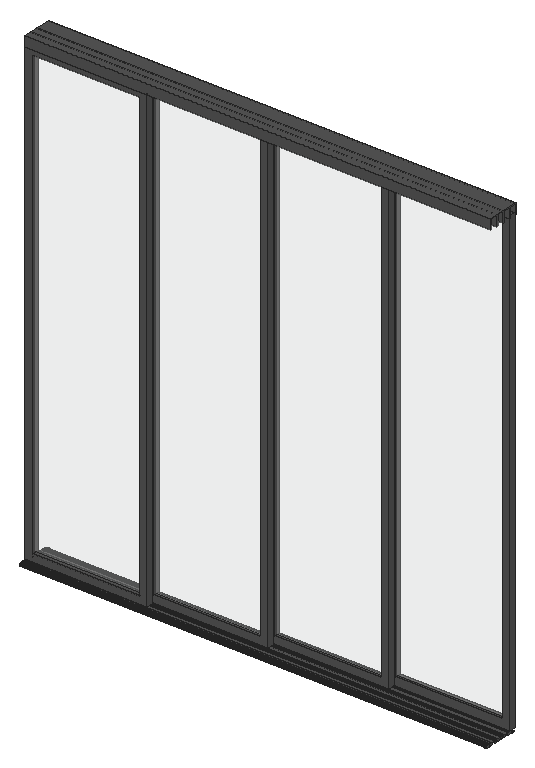
Revit family "Door_FTS RD_The Sliding Door Company_1.5F 4-Panel Quad Track (Recessed Upper)", category Doors, host Wall, Revit 2019
Family settings
  Host = Wall
  OmniClass Number = 23.30.10.00
  OmniClass Title = Doors
  Always vertical = Yes
  Cut with Voids When Loaded = No
  Shared = No
  Room Calculation Point = No
Parameters (values of type "FTS Room Divider - 1.5F 4 Panel 4 Track - ABCD/DCBA")
  Upper Track Material [instance] = TSDC - Casing/Upper Track - Powder Coated Black
  URL = "https://www.slidingdoorco.com"
  Thickness = 1 1/4"  # constant formula
  Stile/Rail = 1 1/2"  # constant formula
  Rough Width = Finished Opening Width + 5/8" * 2  # 96 1/4"
  Rough Height = Finished Opening Height + 5/8"  # 94 5/8"
  Panel Width = Width / 4 + 1 1/8"  # 24 7/8"
  Panel Height = Height - 2 1/4"  # 93 7/8"
  Open [instance] = no
  Model = "FTS Room Divider - Full Height System"  # constant formula
  Manufacturer = "The Sliding Door Company"  # constant formula
  Limitations = "Panel Width x System Height cannot exceed 7,400 square inches"  # constant formula
  Glass Thickness = "Available in: 5mm Tempered, 7mm,10mm,11mm Laminated Glass"  # constant formula
  Glass Material [instance] = TSDC - Glass - Clear
  Function = Interior
  Height = if(Order Height > 108", 108", Order Height)  # 96 1/8"
  Wall Closure = By host
  Width = if(Finished Opening Width > 195", 195", Finished Opening Width)  # 95"
  Fire Rating = "N/A"  # constant formula
  Finished Opening Width = 95"
  Order Height = 96 1/8"
  Finished Opening Height = Order Height - 2 1/8"  # 94"
  Door Casing Material [instance] = TSDC - Casing/Upper Track - Powder Coated Black
  Description = "1.5 Frame 4 Panel System with 4 Track (Recessed Upper)"  # constant formula
  Contact The Sliding Door Company = "https://www.slidingdoorco.com/contact"
  Construction Type = "Top Mounted, Recessed Upper, Ramped Bottom Track"  # constant formula
  Configuration = "ABCD/DCBA Configuration"  # constant formula
  Closed [instance] = not(Open)  # yes
  Bottom Track Material [instance] = TSDC - Bottom Track - Powder Coated Black
  Analytic Construction = "<None>"
  1 1/2" Frame (No Support Dividers) = "Max. H=108 in., Max. W=195 in. (50 in. panel width)"  # constant formula
Reference planes (in)
  plane 1 "Center (Front/Back)": y = 0
  plane 2 "Center (Left/Right)": x = 0
  plane 3 "Top": z = 96.125
  plane 4 "Exterior": y = 6
  plane 5 "Interior": y = -6
  plane 6: x = -47.5
  plane 7: x = 47.5
  plane 8: z = 0.625
  plane 9 "2": z = 94.5
  plane 10 "3": z = 95.375
  plane 11 "Top": z = 96
  plane 12 "2": z = 94.375
  plane 13 "3": z = 95.25
  plane 14 "Top": z = 96
  plane 15 "2": z = 94.375
  plane 16 "3": z = 95.25
  plane 17 "Top": z = 80
  plane 18: x = -50
  plane 19: x = 50
  plane 20 "2": z = 78.375
  plane 21 "3": z = 79.25
  plane 22: x = -23.75
  plane 23: x = 23.75
  plane 24: x = 22.625
  plane 25: x = 24.125
  plane 26: x = -0.75
  plane 27: x = 0.75
  plane 28: x = -24.125
  plane 29: x = -22.625
  plane 30 "4": z = 94
Forms (in)
  Extrusion 1, solid, material "TSDC - Casing/Upper Track - Powder Coated Black" <- "Upper Track Material"
    sketch origin (0, 1.4043, 0) x (0, 1, 0) y (0, 0, 1)
      loop
        line (1.74219, 96.125) -> (-4.55078, 96.125) -> (-4.55078, 94) -> (-4.49219, 94) -> (-4.49219, 96.06641) -> (-2.99219, 96.06641) -> (-2.99219, 94) -> (-2.93359, 94) -> (-2.93359, 96.06641) -> (-1.43359, 96.06641) -> (-1.43359, 94) -> (-1.375, 94) -> (-1.375, 96.06641) -> (0.125, 96.06641) -> (0.125, 94) -> (0.18359, 94) -> (0.18359, 96.06641) -> (1.68359, 96.06641) -> (1.68359, 94) -> (1.74219, 94) -> (1.74219, 96.125)
    from -47.5 to 47.5
  Extrusion 2, solid, material "TSDC - Casing/Upper Track - Powder Coated Black" <- "Door Casing Material", visible <- "Closed"
    sketch origin (47.66587, 2.96289, 0) x (1, 0, 0) y (0, 0, 1)
      loop
        line (-0.16587, 94.5) -> (-25.04087, 94.5) -> (-25.04087, 0.625) -> (-0.16587, 0.625) -> (-0.16587, 94.5)
      loop
        line (-1.66587, 93) -> (-23.54087, 93) -> (-23.54087, 2.125) -> (-1.66587, 2.125) -> (-1.66587, 93)
    from 0 to 1.25
  Extrusion 3, solid, material "TSDC - Glass - Clear" <- "Glass Material", visible <- "Closed"
    sketch origin (47.66587, 2.46289, 0) x (1, 0, 0) y (0, 0, 1)
      loop
        line (-1.66587, 93) -> (-23.54087, 93) -> (-23.54087, 2.125) -> (-1.66587, 2.125) -> (-1.66587, 93)
    from 0 to 0.25
  Extrusion 4, solid, material "TSDC - Bottom Track - Powder Coated Black" <- "Bottom Track Material"
    sketch origin (0, 1.02489, 0.00198) x (0, 1, 0) y (0, 0, 1)
      loop
        line (1.03014, -0.00198) -> (1.60011, -0.00198) -> (1.60011, 0.11422) -> (1.49223, 0.16601) -> (1.44331, 0.16) -> (1.43947, 0.19134) -> (1.3499, 0.23434) -> (1.30098, 0.22833) -> (1.29713, 0.25967) -> (1.20845, 0.30224) -> (1.15953, 0.29623) -> (1.15568, 0.32757) -> (1.07177, 0.36785)
        arc (1.07177, 0.36785) -> (1.04935, 0.37043) -> (1.03014, 0.35859) r 0.03449
        line (1.03014, 0.35859) -> (1.03014, 0.26961) -> (0.9973, 0.26961) -> (0.9973, 0.30227) -> (0.96623, 0.30227) -> (0.96623, 0.05752) -> (0.9973, 0.05752) -> (0.9973, 0.08934) -> (1.03014, 0.08934) -> (1.03014, -0.00198)
      loop
        line (1.55011, 0.05) -> (1.55011, 0.08276) -> (1.08811, 0.30454) -> (1.08811, 0.05) -> (1.55011, 0.05)
    from -47.5 to 47.5
  Extrusion 5, solid, material "TSDC - Casing/Upper Track - Powder Coated Black", not visible
    sketch origin (0, 0.8784, 0.00198) x (0, 1, 0) y (0, 0, 1)
      loop
        line (1.17662, -0.00198) -> (1.7466, -0.00198) -> (1.7466, 0.11422) -> (1.63872, 0.16601) -> (1.5898, 0.16) -> (1.58595, 0.19134) -> (1.49638, 0.23434) -> (1.44746, 0.22833) -> (1.44362, 0.25967) -> (1.35493, 0.30224) -> (1.30601, 0.29623) -> (1.30216, 0.32757) -> (1.21825, 0.36785)
        arc (1.21825, 0.36785) -> (1.19583, 0.37043) -> (1.17662, 0.35859) r 0.03449
        line (1.17662, 0.35859) -> (1.17662, 0.26961) -> (1.14379, 0.26961) -> (1.14379, 0.30227) -> (1.11271, 0.30227) -> (1.11271, 0.05752) -> (1.14379, 0.05752) -> (1.14379, 0.08934) -> (1.17662, 0.08934) -> (1.17662, -0.00198)
      loop
        line (1.6966, 0.05) -> (1.6966, 0.08276) -> (1.2346, 0.30454) -> (1.2346, 0.05) -> (1.6966, 0.05)
    from -50 to 50
  Extrusion 6, solid, material "TSDC - Casing/Upper Track - Powder Coated Black", not visible
    sketch origin (0, 0.8784, 0.00198) x (0, 1, 0) y (0, 0, 1)
      loop
        arc (1.17662, 0.34104) -> (1.17081, 0.35508) -> (1.15677, 0.36093) r 0.01985
        line (1.15677, 0.36093) -> (1.07541, 0.36093)
        arc (1.07541, 0.36093) -> (1.06136, 0.3551) -> (1.05556, 0.34103) r 0.01985
        line (1.05556, 0.34103) -> (1.05556, 0.20299) -> (0.9831, 0.20299) -> (0.9831, 0.28602)
        arc (0.9831, 0.28602) -> (0.87384, 0.39506) -> (0.76472, 0.28588) r 0.10919
        line (0.76472, 0.28588) -> (0.82428, 0.28588)
        arc (0.82428, 0.28588) -> (0.87397, 0.3355) -> (0.92354, 0.28575) r 0.04963
        line (0.92354, 0.28575) -> (0.92354, 0.14753) -> (1.05556, 0.10767) -> (1.05556, 0.05757) -> (0.38753, 0.05757) -> (0.38753, 0.36093) -> (-0.56932, 0.36093) -> (-0.56932, 0.20299) -> (-0.64178, 0.20299) -> (-0.64178, 0.28602)
        arc (-0.64178, 0.28602) -> (-0.75104, 0.39506) -> (-0.86016, 0.28588) r 0.10919
        line (-0.86016, 0.28588) -> (-0.8006, 0.28588)
        arc (-0.8006, 0.28588) -> (-0.75091, 0.3355) -> (-0.70134, 0.28575) r 0.04963
        line (-0.70134, 0.28575) -> (-0.70134, 0.14753) -> (-0.56932, 0.10767) -> (-0.56932, 0.05757) -> (-1.23735, 0.05757) -> (-1.23735, 0.36093) -> (-2.19421, 0.36093) -> (-2.19421, 0.20299) -> (-2.26667, 0.20299) -> (-2.26667, 0.28602)
        arc (-2.26667, 0.28602) -> (-2.37592, 0.39506) -> (-2.48504, 0.28588) r 0.10919
        line (-2.48504, 0.28588) -> (-2.42548, 0.28588)
        arc (-2.42548, 0.28588) -> (-2.37579, 0.3355) -> (-2.32622, 0.28575) r 0.04963
        line (-2.32622, 0.28575) -> (-2.32622, 0.14753) -> (-2.19421, 0.10767) -> (-2.19421, 0.05757) -> (-2.86223, 0.05757) -> (-2.86223, 0.34103)
        arc (-2.86223, 0.34103) -> (-2.86803, 0.3551) -> (-2.88208, 0.36093) r 0.01985
        line (-2.88208, 0.36093) -> (-2.96344, 0.36093)
        arc (-2.96344, 0.36093) -> (-2.97751, 0.35509) -> (-2.9833, 0.341) r 0.01985
        line (-2.9833, 0.341) -> (-2.9833, 0.26961) -> (-2.95059, 0.26961) -> (-2.95059, 0.30227) -> (-2.91939, 0.30227) -> (-2.91939, 0.05752) -> (-2.95046, 0.05752) -> (-2.95046, 0.08934) -> (-2.9833, 0.08934) -> (-2.9833, -0.00198) -> (-2.13705, -0.00198) -> (-2.10598, 0.05752) -> (-2.13705, 0.05752) -> (-2.13705, 0.30227) -> (-1.29451, 0.30227) -> (-1.29451, 0.05752) -> (-1.32558, 0.05752) -> (-1.29451, -0.00198) -> (-0.51217, -0.00198) -> (-0.4811, 0.05752) -> (-0.51217, 0.05752) -> (-0.51217, 0.30227) -> (0.33038, 0.30227) -> (0.33038, 0.05752) -> (0.2993, 0.05752) -> (0.33038, -0.00198) -> (1.17662, -0.00198) -> (1.17662, 0.08934) -> (1.14379, 0.08934) -> (1.14379, 0.05752) -> (1.11271, 0.05752) -> (1.11271, 0.30227) -> (1.14379, 0.30227) -> (1.14379, 0.26961) -> (1.17662, 0.26961) -> (1.17662, 0.34104)
    from -50 to 50
  Extrusion 7, solid, material "TSDC - Casing/Upper Track - Powder Coated Black", not visible
    sketch origin (0, -0.92827, 0.00198) x (0, -1, 0) y (0, 0, -1)
      loop
        line (1.17662, 0.00198) -> (1.17662, -0.08934) -> (1.14379, -0.08934) -> (1.14379, -0.05752) -> (1.11271, -0.05752) -> (1.11271, -0.30227) -> (1.14379, -0.30227) -> (1.14379, -0.26961) -> (1.17662, -0.26961) -> (1.17662, -0.35859)
        arc (1.17662, -0.35859) -> (1.19583, -0.37043) -> (1.21825, -0.36785) r 0.03449
        line (1.21825, -0.36785) -> (1.30216, -0.32757) -> (1.30601, -0.29623) -> (1.35493, -0.30224) -> (1.44362, -0.25967) -> (1.44746, -0.22833) -> (1.49638, -0.23434) -> (1.58595, -0.19134) -> (1.5898, -0.16) -> (1.63872, -0.16601) -> (1.7466, -0.11422) -> (1.7466, 0.00198) -> (1.17662, 0.00198)
      loop
        line (1.6966, -0.05) -> (1.2346, -0.05) -> (1.2346, -0.30454) -> (1.6966, -0.08276) -> (1.6966, -0.05)
    from -50 to 50
  Extrusion 8, solid, material "TSDC - Casing/Upper Track - Powder Coated Black", not visible
    sketch origin (0, 1.25781, 0) x (0, 1, 0) y (0, 0, 1)
      loop
        line (1.74219, 96) -> (-2.99219, 96) -> (-2.99219, 93.875) -> (-2.93359, 93.875) -> (-2.93359, 95.94141) -> (-1.43359, 95.94141) -> (-1.43359, 93.875) -> (-1.375, 93.875) -> (-1.375, 95.94141) -> (0.125, 95.94141) -> (0.125, 93.875) -> (0.18359, 93.875) -> (0.18359, 95.94141) -> (1.68359, 95.94141) -> (1.68359, 93.875) -> (1.74219, 93.875) -> (1.74219, 96)
    from -50 to 50
  Extrusion 9, solid, material "TSDC - Casing/Upper Track - Powder Coated Black", visible <- "Open", not visible
    sketch origin (-18.0008, 2.81641, 0) x (1, 0, 0) y (0, 0, 1)
      loop
        line (2.33413, 94.375) -> (-31.9992, 94.375) -> (-31.9992, 0.625) -> (2.33413, 0.625) -> (2.33413, 94.375)
      loop
        line (0.83413, 92.875) -> (-30.4992, 92.875) -> (-30.4992, 2.125) -> (0.83413, 2.125) -> (0.83413, 92.875)
    from 0 to 1.25
  Extrusion 10, solid, material "TSDC - Glass - Clear", visible <- "Open", not visible
    sketch origin (-18.0008, 2.31641, 0) x (1, 0, 0) y (0, 0, 1)
      loop
        line (0.83413, 92.875) -> (-30.4992, 92.875) -> (-30.4992, 2.125) -> (0.83413, 2.125) -> (0.83413, 92.875)
    from 0 to 0.25
  Extrusion 11, solid, material "TSDC - Casing/Upper Track - Powder Coated Black", visible <- "Open", not visible
    sketch origin (-44.66746, 1.25781, 0) x (1, 0, 0) y (0, 0, 1)
      loop
        line (29.0008, 94.375) -> (-5.33254, 94.375) -> (-5.33254, 0.625) -> (29.0008, 0.625) -> (29.0008, 94.375)
      loop
        line (27.5008, 92.875) -> (-3.83254, 92.875) -> (-3.83254, 2.125) -> (27.5008, 2.125) -> (27.5008, 92.875)
    from 0 to 1.25
  Extrusion 12, solid, material "TSDC - Glass - Clear", visible <- "Open", not visible
    sketch origin (-44.66746, 0.75781, 0) x (1, 0, 0) y (0, 0, 1)
      loop
        line (27.5008, 92.875) -> (-3.83254, 92.875) -> (-3.83254, 2.125) -> (27.5008, 2.125) -> (27.5008, 92.875)
    from 0 to 0.25
  Extrusion 13, solid, material "TSDC - Casing/Upper Track - Powder Coated Black", visible <- "Open", not visible
    sketch origin (-71.33413, -0.30078, 0) x (1, 0, 0) y (0, 0, 1)
      loop
        line (55.66746, 94.375) -> (21.33413, 94.375) -> (21.33413, 0.625) -> (55.66746, 0.625) -> (55.66746, 94.375)
      loop
        line (54.16746, 92.875) -> (22.83413, 92.875) -> (22.83413, 2.125) -> (54.16746, 2.125) -> (54.16746, 92.875)
    from 0 to 1.25
  Extrusion 14, solid, material "TSDC - Glass - Clear", visible <- "Open", not visible
    sketch origin (-71.33413, -0.80078, 0) x (1, 0, 0) y (0, 0, 1)
      loop
        line (54.16746, 92.875) -> (22.83413, 92.875) -> (22.83413, 2.125) -> (54.16746, 2.125) -> (54.16746, 92.875)
    from 0 to 0.25
  Extrusion 15, solid, material "TSDC - Casing/Upper Track - Powder Coated Black", visible <- "Closed", not visible
    sketch origin (-11.83413, 1.25781, 0) x (1, 0, 0) y (0, 0, 1)
      loop
        line (29.0008, 94.375) -> (-5.33254, 94.375) -> (-5.33254, 0.625) -> (29.0008, 0.625) -> (29.0008, 94.375)
      loop
        line (27.5008, 92.875) -> (-3.83254, 92.875) -> (-3.83254, 2.125) -> (27.5008, 2.125) -> (27.5008, 92.875)
    from 0 to 1.25
  Extrusion 16, solid, material "TSDC - Glass - Clear", visible <- "Closed", not visible
    sketch origin (-11.83413, 0.75781, 0) x (1, 0, 0) y (0, 0, 1)
      loop
        line (27.5008, 92.875) -> (-3.83254, 92.875) -> (-3.83254, 2.125) -> (27.5008, 2.125) -> (27.5008, 92.875)
    from 0 to 0.25
  Extrusion 17, solid, material "TSDC - Casing/Upper Track - Powder Coated Black", visible <- "Closed", not visible
    sketch origin (47.66587, 2.81641, 0) x (1, 0, 0) y (0, 0, 1)
      loop
        line (2.33413, 94.375) -> (-31.9992, 94.375) -> (-31.9992, 0.625) -> (2.33413, 0.625) -> (2.33413, 94.375)
      loop
        line (0.83413, 92.875) -> (-30.4992, 92.875) -> (-30.4992, 2.125) -> (0.83413, 2.125) -> (0.83413, 92.875)
    from 0 to 1.25
  Extrusion 18, solid, material "TSDC - Glass - Clear", visible <- "Closed", not visible
    sketch origin (47.66587, 2.31641, 0) x (1, 0, 0) y (0, 0, 1)
      loop
        line (0.83413, 92.875) -> (-30.4992, 92.875) -> (-30.4992, 2.125) -> (0.83413, 2.125) -> (0.83413, 92.875)
    from 0 to 0.25
  Extrusion 19, solid, material "TSDC - Casing/Upper Track - Powder Coated Black", visible <- "Closed", not visible
    sketch origin (-71.33413, -0.30078, 0) x (1, 0, 0) y (0, 0, 1)
      loop
        line (55.66746, 94.375) -> (21.33413, 94.375) -> (21.33413, 0.625) -> (55.66746, 0.625) -> (55.66746, 94.375)
      loop
        line (54.16746, 92.875) -> (22.83413, 92.875) -> (22.83413, 2.125) -> (54.16746, 2.125) -> (54.16746, 92.875)
    from 0 to 1.25
  Extrusion 20, solid, material "TSDC - Glass - Clear", visible <- "Closed", not visible
    sketch origin (-71.33413, -0.80078, 0) x (1, 0, 0) y (0, 0, 1)
      loop
        line (54.16746, 92.875) -> (22.83413, 92.875) -> (22.83413, 2.125) -> (54.16746, 2.125) -> (54.16746, 92.875)
    from 0 to 0.25
  Extrusion 21, solid, material "TSDC - Casing/Upper Track - Powder Coated Black", not visible
    sketch origin (0, 1.25781, 0) x (0, 1, 0) y (0, 0, 1)
      loop
        line (1.74219, 96) -> (-2.99219, 96) -> (-2.99219, 93.875) -> (-2.93359, 93.875) -> (-2.93359, 95.94141) -> (-1.43359, 95.94141) -> (-1.43359, 93.875) -> (-1.375, 93.875) -> (-1.375, 95.94141) -> (0.125, 95.94141) -> (0.125, 93.875) -> (0.18359, 93.875) -> (0.18359, 95.94141) -> (1.68359, 95.94141) -> (1.68359, 93.875) -> (1.74219, 93.875) -> (1.74219, 96)
    from -50 to 50
  Extrusion 22, solid, material "TSDC - Casing/Upper Track - Powder Coated Black", not visible
    sketch origin (0, 1.25781, 0) x (0, 1, 0) y (0, 0, 1)
      loop
        line (1.74219, 96) -> (-2.99219, 96) -> (-2.99219, 93.875) -> (-2.93359, 93.875) -> (-2.93359, 95.94141) -> (-1.43359, 95.94141) -> (-1.43359, 93.875) -> (-1.375, 93.875) -> (-1.375, 95.94141) -> (0.125, 95.94141) -> (0.125, 93.875) -> (0.18359, 93.875) -> (0.18359, 95.94141) -> (1.68359, 95.94141) -> (1.68359, 93.875) -> (1.74219, 93.875) -> (1.74219, 96)
    from -50 to 50
  Extrusion 23, solid, material "TSDC - Casing/Upper Track - Powder Coated Black", not visible
    sketch origin (0, 1.25781, 0) x (0, 1, 0) y (0, 0, 1)
      loop
        line (1.74219, 96) -> (-2.99219, 96) -> (-2.99219, 93.875) -> (-2.93359, 93.875) -> (-2.93359, 95.94141) -> (-1.43359, 95.94141) -> (-1.43359, 93.875) -> (-1.375, 93.875) -> (-1.375, 95.94141) -> (0.125, 95.94141) -> (0.125, 93.875) -> (0.18359, 93.875) -> (0.18359, 95.94141) -> (1.68359, 95.94141) -> (1.68359, 93.875) -> (1.74219, 93.875) -> (1.74219, 96)
    from -50 to 50
  Extrusion 24, solid, material "TSDC - Casing/Upper Track - Powder Coated Black", not visible
    sketch origin (0, 0.8784, 0.00198) x (0, 1, 0) y (0, 0, 1)
      loop
        line (1.17662, -0.00198) -> (1.7466, -0.00198) -> (1.7466, 0.11422) -> (1.63872, 0.16601) -> (1.5898, 0.16) -> (1.58595, 0.19134) -> (1.49638, 0.23434) -> (1.44746, 0.22833) -> (1.44362, 0.25967) -> (1.35493, 0.30224) -> (1.30601, 0.29623) -> (1.30216, 0.32757) -> (1.21825, 0.36785)
        arc (1.21825, 0.36785) -> (1.19583, 0.37043) -> (1.17662, 0.35859) r 0.03449
        line (1.17662, 0.35859) -> (1.17662, 0.26961) -> (1.14379, 0.26961) -> (1.14379, 0.30227) -> (1.11271, 0.30227) -> (1.11271, 0.05752) -> (1.14379, 0.05752) -> (1.14379, 0.08934) -> (1.17662, 0.08934) -> (1.17662, -0.00198)
      loop
        line (1.6966, 0.05) -> (1.6966, 0.08276) -> (1.2346, 0.30454) -> (1.2346, 0.05) -> (1.6966, 0.05)
    from -50 to 50
  Extrusion 25, solid, material "TSDC - Casing/Upper Track - Powder Coated Black", not visible
    sketch origin (0, 0.8784, 0.00198) x (0, 1, 0) y (0, 0, 1)
      loop
        arc (1.17662, 0.34104) -> (1.17081, 0.35508) -> (1.15677, 0.36093) r 0.01985
        line (1.15677, 0.36093) -> (1.07541, 0.36093)
        arc (1.07541, 0.36093) -> (1.06136, 0.3551) -> (1.05556, 0.34103) r 0.01985
        line (1.05556, 0.34103) -> (1.05556, 0.20299) -> (0.9831, 0.20299) -> (0.9831, 0.28602)
        arc (0.9831, 0.28602) -> (0.87384, 0.39506) -> (0.76472, 0.28588) r 0.10919
        line (0.76472, 0.28588) -> (0.82428, 0.28588)
        arc (0.82428, 0.28588) -> (0.87397, 0.3355) -> (0.92354, 0.28575) r 0.04963
        line (0.92354, 0.28575) -> (0.92354, 0.14753) -> (1.05556, 0.10767) -> (1.05556, 0.05757) -> (0.38753, 0.05757) -> (0.38753, 0.36093) -> (-0.56932, 0.36093) -> (-0.56932, 0.20299) -> (-0.64178, 0.20299) -> (-0.64178, 0.28602)
        arc (-0.64178, 0.28602) -> (-0.75104, 0.39506) -> (-0.86016, 0.28588) r 0.10919
        line (-0.86016, 0.28588) -> (-0.8006, 0.28588)
        arc (-0.8006, 0.28588) -> (-0.75091, 0.3355) -> (-0.70134, 0.28575) r 0.04963
        line (-0.70134, 0.28575) -> (-0.70134, 0.14753) -> (-0.56932, 0.10767) -> (-0.56932, 0.05757) -> (-1.23735, 0.05757) -> (-1.23735, 0.36093) -> (-2.19421, 0.36093) -> (-2.19421, 0.20299) -> (-2.26667, 0.20299) -> (-2.26667, 0.28602)
        arc (-2.26667, 0.28602) -> (-2.37592, 0.39506) -> (-2.48504, 0.28588) r 0.10919
        line (-2.48504, 0.28588) -> (-2.42548, 0.28588)
        arc (-2.42548, 0.28588) -> (-2.37579, 0.3355) -> (-2.32622, 0.28575) r 0.04963
        line (-2.32622, 0.28575) -> (-2.32622, 0.14753) -> (-2.19421, 0.10767) -> (-2.19421, 0.05757) -> (-2.86223, 0.05757) -> (-2.86223, 0.34103)
        arc (-2.86223, 0.34103) -> (-2.86803, 0.3551) -> (-2.88208, 0.36093) r 0.01985
        line (-2.88208, 0.36093) -> (-2.96344, 0.36093)
        arc (-2.96344, 0.36093) -> (-2.97751, 0.35509) -> (-2.9833, 0.341) r 0.01985
        line (-2.9833, 0.341) -> (-2.9833, 0.26961) -> (-2.95059, 0.26961) -> (-2.95059, 0.30227) -> (-2.91939, 0.30227) -> (-2.91939, 0.05752) -> (-2.95046, 0.05752) -> (-2.95046, 0.08934) -> (-2.9833, 0.08934) -> (-2.9833, -0.00198) -> (-2.13705, -0.00198) -> (-2.10598, 0.05752) -> (-2.13705, 0.05752) -> (-2.13705, 0.30227) -> (-1.29451, 0.30227) -> (-1.29451, 0.05752) -> (-1.32558, 0.05752) -> (-1.29451, -0.00198) -> (-0.51217, -0.00198) -> (-0.4811, 0.05752) -> (-0.51217, 0.05752) -> (-0.51217, 0.30227) -> (0.33038, 0.30227) -> (0.33038, 0.05752) -> (0.2993, 0.05752) -> (0.33038, -0.00198) -> (1.17662, -0.00198) -> (1.17662, 0.08934) -> (1.14379, 0.08934) -> (1.14379, 0.05752) -> (1.11271, 0.05752) -> (1.11271, 0.30227) -> (1.14379, 0.30227) -> (1.14379, 0.26961) -> (1.17662, 0.26961) -> (1.17662, 0.34104)
    from -50 to 50
  Extrusion 26, solid, material "TSDC - Casing/Upper Track - Powder Coated Black", not visible
    sketch origin (0, -0.92827, 0.00198) x (0, -1, 0) y (0, 0, -1)
      loop
        line (1.17662, 0.00198) -> (1.17662, -0.08934) -> (1.14379, -0.08934) -> (1.14379, -0.05752) -> (1.11271, -0.05752) -> (1.11271, -0.30227) -> (1.14379, -0.30227) -> (1.14379, -0.26961) -> (1.17662, -0.26961) -> (1.17662, -0.35859)
        arc (1.17662, -0.35859) -> (1.19583, -0.37043) -> (1.21825, -0.36785) r 0.03449
        line (1.21825, -0.36785) -> (1.30216, -0.32757) -> (1.30601, -0.29623) -> (1.35493, -0.30224) -> (1.44362, -0.25967) -> (1.44746, -0.22833) -> (1.49638, -0.23434) -> (1.58595, -0.19134) -> (1.5898, -0.16) -> (1.63872, -0.16601) -> (1.7466, -0.11422) -> (1.7466, 0.00198) -> (1.17662, 0.00198)
      loop
        line (1.6966, -0.05) -> (1.2346, -0.05) -> (1.2346, -0.30454) -> (1.6966, -0.08276) -> (1.6966, -0.05)
    from -50 to 50
  Extrusion 27, solid, material "TSDC - Casing/Upper Track - Powder Coated Black", not visible
    sketch origin (0, 1.25781, -16) x (0, 1, 0) y (0, 0, 1)
      loop
        line (1.74219, 96) -> (-2.99219, 96) -> (-2.99219, 93.875) -> (-2.93359, 93.875) -> (-2.93359, 95.94141) -> (-1.43359, 95.94141) -> (-1.43359, 93.875) -> (-1.375, 93.875) -> (-1.375, 95.94141) -> (0.125, 95.94141) -> (0.125, 93.875) -> (0.18359, 93.875) -> (0.18359, 95.94141) -> (1.68359, 95.94141) -> (1.68359, 93.875) -> (1.74219, 93.875) -> (1.74219, 96)
    from -50 to 50
  Extrusion 28, solid, material "TSDC - Casing/Upper Track - Powder Coated Black" <- "Door Casing Material", visible <- "Closed"
    sketch origin (23.04087, 1.4043, 0) x (1, 0, 0) y (0, 0, 1)
      loop
        line (1.08413, 94.5) -> (-23.79087, 94.5) -> (-23.79087, 0.625) -> (1.08413, 0.625) -> (1.08413, 94.5)
      loop
        line (-0.41587, 93) -> (-22.29087, 93) -> (-22.29087, 2.125) -> (-0.41587, 2.125) -> (-0.41587, 93)
    from 0 to 1.25
  Extrusion 29, solid, material "TSDC - Glass - Clear" <- "Glass Material", visible <- "Closed"
    sketch origin (23.04087, 0.9043, 0) x (1, 0, 0) y (0, 0, 1)
      loop
        line (-0.41587, 93) -> (-22.29087, 93) -> (-22.29087, 2.125) -> (-0.41587, 2.125) -> (-0.41587, 93)
    from 0 to 0.25
  Extrusion 30, solid, material "TSDC - Casing/Upper Track - Powder Coated Black" <- "Door Casing Material", visible <- "Closed"
    sketch origin (-1.58413, -0.1543, 0) x (1, 0, 0) y (0, 0, 1)
      loop
        line (2.33413, 94.5) -> (-22.54087, 94.5) -> (-22.54087, 0.625) -> (2.33413, 0.625) -> (2.33413, 94.5)
      loop
        line (0.83413, 93) -> (-21.04087, 93) -> (-21.04087, 2.125) -> (0.83413, 2.125) -> (0.83413, 93)
    from 0 to 1.25
  Extrusion 31, solid, material "TSDC - Glass - Clear" <- "Glass Material", visible <- "Closed"
    sketch origin (-1.58413, -0.6543, 0) x (1, 0, 0) y (0, 0, 1)
      loop
        line (0.83413, 93) -> (-21.04087, 93) -> (-21.04087, 2.125) -> (0.83413, 2.125) -> (0.83413, 93)
    from 0 to 0.25
  Extrusion 32, solid, material "TSDC - Casing/Upper Track - Powder Coated Black" <- "Door Casing Material", visible <- "Closed"
    sketch origin (-26.20913, -1.71289, 0) x (1, 0, 0) y (0, 0, 1)
      loop
        line (3.58413, 94.5) -> (-21.29087, 94.5) -> (-21.29087, 0.625) -> (3.58413, 0.625) -> (3.58413, 94.5)
      loop
        line (2.08413, 93) -> (-19.79087, 93) -> (-19.79087, 2.125) -> (2.08413, 2.125) -> (2.08413, 93)
    from 0 to 1.25
  Extrusion 33, solid, material "TSDC - Glass - Clear" <- "Glass Material", visible <- "Closed"
    sketch origin (-26.20913, -2.21289, 0) x (1, 0, 0) y (0, 0, 1)
      loop
        line (2.08413, 93) -> (-19.79087, 93) -> (-19.79087, 2.125) -> (2.08413, 2.125) -> (2.08413, 93)
    from 0 to 0.25
  Extrusion 34, solid, material "TSDC - Casing/Upper Track - Powder Coated Black" <- "Door Casing Material", visible <- "Open"
    sketch origin (-41.20913, 2.96289, 0) x (1, 0, 0) y (0, 0, 1)
      loop
        line (18.58413, 94.5) -> (-6.29087, 94.5) -> (-6.29087, 0.625) -> (18.58413, 0.625) -> (18.58413, 94.5)
      loop
        line (17.08413, 93) -> (-4.79087, 93) -> (-4.79087, 2.125) -> (17.08413, 2.125) -> (17.08413, 93)
    from 0 to 1.25
  Extrusion 35, solid, material "TSDC - Glass - Clear" <- "Glass Material", visible <- "Open"
    sketch origin (-41.20913, 2.46289, 0) x (1, 0, 0) y (0, 0, 1)
      loop
        line (17.08413, 93) -> (-4.79087, 93) -> (-4.79087, 2.125) -> (17.08413, 2.125) -> (17.08413, 93)
    from 0 to 0.25
  Extrusion 36, solid, material "TSDC - Casing/Upper Track - Powder Coated Black" <- "Door Casing Material", visible <- "Open"
    sketch origin (-41.20913, 1.4043, 0) x (1, 0, 0) y (0, 0, 1)
      loop
        line (18.58413, 94.5) -> (-6.29087, 94.5) -> (-6.29087, 0.625) -> (18.58413, 0.625) -> (18.58413, 94.5)
      loop
        line (17.08413, 93) -> (-4.79087, 93) -> (-4.79087, 2.125) -> (17.08413, 2.125) -> (17.08413, 93)
    from 0 to 1.25
  Extrusion 37, solid, material "TSDC - Glass - Clear" <- "Glass Material", visible <- "Open"
    sketch origin (-41.20913, 0.9043, 0) x (1, 0, 0) y (0, 0, 1)
      loop
        line (17.08413, 93) -> (-4.79087, 93) -> (-4.79087, 2.125) -> (17.08413, 2.125) -> (17.08413, 93)
    from 0 to 0.25
  Extrusion 38, solid, material "TSDC - Casing/Upper Track - Powder Coated Black" <- "Door Casing Material", visible <- "Open"
    sketch origin (-41.20913, -0.1543, 0) x (1, 0, 0) y (0, 0, 1)
      loop
        line (18.58413, 94.5) -> (-6.29087, 94.5) -> (-6.29087, 0.625) -> (18.58413, 0.625) -> (18.58413, 94.5)
      loop
        line (17.08413, 93) -> (-4.79087, 93) -> (-4.79087, 2.125) -> (17.08413, 2.125) -> (17.08413, 93)
    from 0 to 1.25
  Extrusion 39, solid, material "TSDC - Glass - Clear" <- "Glass Material", visible <- "Open"
    sketch origin (-41.20913, -0.6543, 0) x (1, 0, 0) y (0, 0, 1)
      loop
        line (17.08413, 93) -> (-4.79087, 93) -> (-4.79087, 2.125) -> (17.08413, 2.125) -> (17.08413, 93)
    from 0 to 0.25
  Extrusion 40, solid, material "TSDC - Casing/Upper Track - Powder Coated Black" <- "Door Casing Material", visible <- "Open"
    sketch origin (-41.20913, -1.71289, 0) x (1, 0, 0) y (0, 0, 1)
      loop
        line (18.58413, 94.5) -> (-6.29087, 94.5) -> (-6.29087, 0.625) -> (18.58413, 0.625) -> (18.58413, 94.5)
      loop
        line (17.08413, 93) -> (-4.79087, 93) -> (-4.79087, 2.125) -> (17.08413, 2.125) -> (17.08413, 93)
    from 0 to 1.25
  Extrusion 41, solid, material "TSDC - Glass - Clear" <- "Glass Material", visible <- "Open"
    sketch origin (-41.20913, -2.21289, 0) x (1, 0, 0) y (0, 0, 1)
      loop
        line (17.08413, 93) -> (-4.79087, 93) -> (-4.79087, 2.125) -> (17.08413, 2.125) -> (17.08413, 93)
    from 0 to 0.25
  Extrusion 42, solid, material "TSDC - Bottom Track - Powder Coated Black" <- "Bottom Track Material"
    sketch origin (0, 1.02489, 0.00198) x (0, 1, 0) y (0, 0, 1)
      loop
        arc (1.03014, 0.34104) -> (1.02432, 0.35508) -> (1.01029, 0.36089) r 0.01985
        line (1.01029, 0.36089) -> (0.92892, 0.36093)
        arc (0.92892, 0.36093) -> (0.91487, 0.3551) -> (0.90907, 0.34103) r 0.01985
        line (0.90907, 0.34103) -> (0.90907, 0.20299) -> (0.83661, 0.20299) -> (0.83661, 0.28602)
        arc (0.83661, 0.28602) -> (0.72736, 0.39506) -> (0.61824, 0.28588) r 0.10919
        line (0.61824, 0.28588) -> (0.6778, 0.28588)
        arc (0.6778, 0.28588) -> (0.72749, 0.3355) -> (0.77706, 0.28575) r 0.04963
        line (0.77706, 0.28575) -> (0.77706, 0.14753) -> (0.90907, 0.10767) -> (0.90907, 0.05757) -> (0.24105, 0.05757) -> (0.24105, 0.36093) -> (-0.71581, 0.36093) -> (-0.71581, 0.20299) -> (-0.78827, 0.20299) -> (-0.78827, 0.28602)
        arc (-0.78827, 0.28602) -> (-0.89752, 0.39506) -> (-1.00664, 0.28588) r 0.10919
        line (-1.00664, 0.28588) -> (-0.94709, 0.28588)
        arc (-0.94709, 0.28588) -> (-0.89739, 0.3355) -> (-0.84783, 0.28575) r 0.04963
        line (-0.84783, 0.28575) -> (-0.84783, 0.14753) -> (-0.71581, 0.10767) -> (-0.71581, 0.05757) -> (-1.38383, 0.05757) -> (-1.38383, 0.36093) -> (-2.34069, 0.36093) -> (-2.34069, 0.20299) -> (-2.41315, 0.20299) -> (-2.41315, 0.28602)
        arc (-2.41315, 0.28602) -> (-2.52241, 0.39506) -> (-2.63152, 0.28588) r 0.10919
        line (-2.63152, 0.28588) -> (-2.57197, 0.28588)
        arc (-2.57197, 0.28588) -> (-2.52227, 0.3355) -> (-2.47271, 0.28575) r 0.04963
        line (-2.47271, 0.28575) -> (-2.47271, 0.14753) -> (-2.34069, 0.10767) -> (-2.34069, 0.05757) -> (-3.00871, 0.05757) -> (-3.00871, 0.36093) -> (-3.96557, 0.36093) -> (-3.96557, 0.05757) -> (-4.6336, 0.05757) -> (-4.6336, 0.10767) -> (-4.50158, 0.14753) -> (-4.50158, 0.28575)
        arc (-4.50158, 0.28575) -> (-4.45201, 0.3355) -> (-4.40232, 0.28588) r 0.04963
        line (-4.40232, 0.28588) -> (-4.34276, 0.28588)
        arc (-4.34276, 0.28588) -> (-4.45188, 0.39506) -> (-4.56114, 0.28602) r 0.10919
        line (-4.56114, 0.28602) -> (-4.56114, 0.20299) -> (-4.6336, 0.20299) -> (-4.6336, 0.34103)
        arc (-4.6336, 0.34103) -> (-4.63939, 0.3551) -> (-4.65345, 0.36093) r 0.01985
        line (-4.65345, 0.36093) -> (-4.73481, 0.36093)
        arc (-4.73481, 0.36093) -> (-4.74885, 0.35508) -> (-4.75466, 0.34104) r 0.01985
        line (-4.75466, 0.34104) -> (-4.75466, 0.26961) -> (-4.72182, 0.26961) -> (-4.72182, 0.30227) -> (-4.69075, 0.30227) -> (-4.69075, 0.05752) -> (-4.72182, 0.05752) -> (-4.72182, 0.08934) -> (-4.75466, 0.08934) -> (-4.75466, -0.00198) -> (-3.90841, -0.00198) -> (-3.87734, 0.05752) -> (-3.90841, 0.05752) -> (-3.90841, 0.30227) -> (-3.06587, 0.30227) -> (-3.06587, 0.05752) -> (-3.09694, 0.05752) -> (-3.06587, -0.00198) -> (-2.28353, -0.00198) -> (-2.25246, 0.05752) -> (-2.28353, 0.05752) -> (-2.28353, 0.30227) -> (-1.44099, 0.30227) -> (-1.44099, 0.05752) -> (-1.47206, 0.05752) -> (-1.44099, -0.00198) -> (-0.65865, -0.00198) -> (-0.62758, 0.05752) -> (-0.65865, 0.05752) -> (-0.65865, 0.30227) -> (0.18389, 0.30227) -> (0.18389, 0.05752) -> (0.15282, 0.05752) -> (0.18389, -0.00198) -> (1.03014, -0.00198) -> (1.03014, 0.08934) -> (0.9973, 0.08934) -> (0.9973, 0.05752) -> (0.96623, 0.05752) -> (0.96623, 0.30227) -> (0.9973, 0.30227) -> (0.9973, 0.26961) -> (1.03014, 0.26961) -> (1.03014, 0.34104)
    from -47.5 to 47.5
  Extrusion 43, solid, material "TSDC - Bottom Track - Powder Coated Black" <- "Bottom Track Material"
    sketch origin (0, -2.69963, 0.00198) x (0, -1, 0) y (0, 0, -1)
      loop
        line (1.03014, 0.00198) -> (1.03014, -0.08934) -> (0.9973, -0.08934) -> (0.9973, -0.05752) -> (0.96623, -0.05752) -> (0.96623, -0.30227) -> (0.9973, -0.30227) -> (0.9973, -0.26961) -> (1.03014, -0.26961) -> (1.03014, -0.35859)
        arc (1.03014, -0.35859) -> (1.04935, -0.37043) -> (1.07177, -0.36785) r 0.03449
        line (1.07177, -0.36785) -> (1.15568, -0.32757) -> (1.15953, -0.29623) -> (1.20845, -0.30224) -> (1.29713, -0.25967) -> (1.30098, -0.22833) -> (1.3499, -0.23434) -> (1.43947, -0.19134) -> (1.44331, -0.16) -> (1.49223, -0.16601) -> (1.60011, -0.11422) -> (1.60011, 0.00198) -> (1.03014, 0.00198)
      loop
        line (1.55011, -0.05) -> (1.08811, -0.05) -> (1.08811, -0.30454) -> (1.55011, -0.08276) -> (1.55011, -0.05)
    from -47.5 to 47.5
Lines and regions (in)
  Opening 1
    outline origin (-60, -6, 0) x (1, 0, 0) y (0, 0, 1)
      loop
        line (107.5, 0) -> (107.5, 94) -> (12.5, 94) -> (12.5, 0) -> (107.5, 0)
Text (in)
  text "Exterior" at (-165.54235, 27.31104, 0), in view "Ref. Level"
  text "Interior" at (-165.54235, -25.14366, 0), in view "Ref. Level"
  text "Exterior" at (0, 40.15149, 123.01588), in view "Right"
  text "Interior" at (0, -64.39139, 123.01588), in view "Right"
  text "Interior" at (0, -31.01599, 123.00693), in view "Left"
  text "Exterior" at (0, 54.57065, 123.00693), in view "Left"
Dimensions and locks (in)
  locked: plane 9 "2" to plane 3 "Top" at 1.625
  equal spacing: plane 6, plane 22, plane 2 "Center (Left/Right)", plane 23, plane 7
  locked: plane 10 "3" to plane 3 "Top" at 0.75
  "Stile/Rail": Extrusion 2 to Extrusion 2  (x4)
  "Height": level to plane 3 "Top"
  "Width": plane 6 to plane 7
  "Stile/Rail": Extrusion 28 to Extrusion 28  (x4)
  "Stile/Rail": Extrusion 30 to Extrusion 30  (x4)
  "Stile/Rail": Extrusion 32 to Extrusion 32  (x4)
  locked: plane 24 to plane 23 at 1.125
  locked: plane 23 to plane 25 at 0.375
  plane 26 to plane 2 "Center (Left/Right)" to plane 27 = 3/4" locked, 3/4" locked
  locked: plane 28 to plane 22 at 0.375
  locked: plane 22 to plane 29 at 1.125
  plane 6 to plane 29 = 24 7/8"
  plane 28 to plane 27 = 24 7/8"
  plane 26 to plane 25 = 24 7/8"
  plane 24 to plane 7 = 24 7/8"
  "Stile/Rail": Extrusion 34 to Extrusion 34  (x4)
  "Stile/Rail": Extrusion 36 to Extrusion 36  (x4)
  "Stile/Rail": Extrusion 38 to Extrusion 38  (x4)
  "Stile/Rail": Extrusion 40 to Extrusion 40  (x4)
  locked: plane 30 "4" to plane 3 "Top" at 2.125
  Extrusion 1 to Extrusion 1 to Extrusion 1 to Extrusion 1 to Extrusion 1 to host wall to Extrusion 1 to Extrusion 1 to Extrusion 1 to Extrusion 1 to Extrusion 1 = 15/256" locked, 1 1/2" locked, 15/256" locked, 1 1/2" locked, 0.0293" locked, 0.0293" locked, 1 1/2" locked, 15/256" locked, 1 1/2" locked, 15/256" locked
  Extrusion 4 to Extrusion 42 to plane 1 "Center (Front/Back)" = 0.56997" locked, 2.05503" locked
  host wall to Extrusion 43 to Extrusion 43 = 3.72977" locked, 0.56997" locked
  Extrusion 42 to Extrusion 42 to Extrusion 42 to Extrusion 42 to Extrusion 42 to Extrusion 42 to Extrusion 42 to Extrusion 42 to Extrusion 42 to Extrusion 42 to Extrusion 42 to Extrusion 42 to Extrusion 42 to Extrusion 43 = 0.72518" locked, 0.05716" locked, 0.84254" locked, 0.05716" locked, 0.66802" locked, 0.05716" locked, 0.84254" locked, 0.05716" locked, 0.66802" locked, 0.05716" locked, 0.84254" locked, 0.05716" locked, 0.72518" locked
  locked: host wall to Extrusion 42 at 3.47669
  aligned and locked: plane 4 "Exterior" to host wall
  aligned and locked: host wall to plane 5 "Interior"
  aligned and locked: Extrusion 1 to plane 6
  aligned and locked: plane 7 to Extrusion 1
  aligned and locked: Extrusion 3 to Extrusion 2  (x4)
  aligned and locked: Opening 1 sketch curve to Extrusion 1
  aligned and locked: Extrusion 4 to Opening 1 sketch curve
  aligned and locked: Extrusion 29 to Extrusion 28  (x4)
  aligned and locked: Extrusion 31 to Extrusion 30  (x4)
  aligned and locked: Extrusion 33 to Extrusion 32  (x4)
  aligned and locked: Extrusion 28 to Extrusion 2
  aligned and locked: Extrusion 2 to Extrusion 28
  aligned and locked: Extrusion 30 to Extrusion 28
  aligned and locked: Extrusion 32 to Extrusion 30
  aligned and locked: Extrusion 35 to Extrusion 34  (x4)
  aligned and locked: Extrusion 37 to Extrusion 36  (x4)
  aligned and locked: Extrusion 39 to Extrusion 38  (x4)
  aligned and locked: Extrusion 41 to Extrusion 40  (x4)
  aligned and locked: plane 30 "4" to Opening 1 sketch curve
  aligned and locked: plane 6 to Opening 1 sketch curve
  aligned and locked: Extrusion 4 to Extrusion 43
  aligned and locked: Extrusion 4 to Extrusion 42
  aligned and locked: host wall to Extrusion 42  (x2)
  aligned and locked: Extrusion 42 to Extrusion 4
  aligned and locked: Extrusion 43 to Extrusion 4
Automatic sketch dimensions
  Extrusion 5 sketch curve to Extrusion 5 sketch curve = 0.03107"  (x2)
  Extrusion 5 sketch curve to Extrusion 5 sketch curve = 0.03284"  (x2)
  Extrusion 5 sketch curve to Extrusion 5 sketch curve = 0.0267"
  Extrusion 5 sketch curve to Extrusion 5 sketch curve = 0.01493"
  Extrusion 5 sketch curve to Extrusion 5 sketch curve = 0.05797"
  Extrusion 5 sketch curve to Extrusion 5 sketch curve = 0.06757"
  Extrusion 5 sketch curve to Extrusion 5 sketch curve = 0.00385"  (x3)
  Extrusion 5 sketch curve to Extrusion 5 sketch curve = 0.04892"  (x3)
  Extrusion 5 sketch curve to Extrusion 5 sketch curve = 0.08869"
  Extrusion 5 sketch curve to Extrusion 5 sketch curve = 0.08957"
  Extrusion 5 sketch curve to Extrusion 5 sketch curve = 0.05788"
  Extrusion 5 sketch curve to Extrusion 5 sketch curve = 0.05"
  Extrusion 5 sketch curve to Extrusion 5 sketch curve = 0.03276"
  Extrusion 5 sketch curve to Extrusion 5 sketch curve = 0.03182"
  Extrusion 5 sketch curve to Extrusion 5 sketch curve = 0.03146"
  Extrusion 5 sketch curve to Extrusion 5 sketch curve = 0.00601"  (x3)
  Extrusion 5 sketch curve to Extrusion 5 sketch curve = 0.09824"
  Extrusion 5 sketch curve to Extrusion 5 sketch curve = 0.03266"
  Extrusion 5 sketch curve to Extrusion 5 sketch curve = 0.06331"
  Extrusion 5 sketch curve to Extrusion 5 sketch curve = 0.03109"
  Extrusion 6 sketch curve to Extrusion 6 sketch curve = 0"  (x25)
  Extrusion 6 sketch curve to Extrusion 6 sketch curve = 0.01985"  (x3)
  Extrusion 6 sketch curve to Extrusion 6 sketch curve = 0.03271"
  Extrusion 6 sketch curve to Extrusion 6 sketch curve = 0.03284"  (x3)
  Extrusion 6 sketch curve to Extrusion 6 sketch curve = 0.03107"  (x9)
  Extrusion 6 sketch curve to Extrusion 6 sketch curve = 0.0373"
  Extrusion 6 sketch curve to Extrusion 6 sketch curve = 0.37719"  (x3)
  Extrusion 6 sketch curve to Extrusion 6 sketch curve = 0.05956"  (x6)
  Extrusion 6 sketch curve to Extrusion 6 sketch curve = 0.04963"  (x6)
  Extrusion 6 sketch curve to Extrusion 6 sketch curve = 0.07246"  (x4)
  Extrusion 6 sketch curve to Extrusion 6 sketch curve = 0.05716"  (x5)
  Extrusion 6 sketch curve to Extrusion 6 sketch curve = 0.7804"  (x2)
  Extrusion 6 sketch curve to Extrusion 6 sketch curve = 0.01299"
  Extrusion 6 sketch curve to Extrusion 6 sketch curve = 0.00005"  (x5)
  Extrusion 6 sketch curve to Extrusion 6 sketch curve = 0.03182"  (x2)
  Extrusion 6 sketch curve to Extrusion 6 sketch curve = 0.0501"  (x3)
  Extrusion 6 sketch curve to Extrusion 6 sketch curve = 0.03986"  (x2)
  Extrusion 6 sketch curve to Extrusion 6 sketch curve = 0.09532"  (x2)
  Extrusion 6 sketch curve to Extrusion 6 sketch curve = 0.05547"  (x2)
  Extrusion 6 sketch curve to Extrusion 6 sketch curve = 0.06662"
  Extrusion 6 sketch curve to Extrusion 6 sketch curve = 0.08276"  (x3)
  Extrusion 6 sketch curve to Extrusion 6 sketch curve = 0.00012"  (x3)
  Extrusion 6 sketch curve to Extrusion 6 sketch curve = 0.03266"  (x2)
  Extrusion 6 sketch curve to Extrusion 6 sketch curve = 0.24475"
  Extrusion 6 sketch curve to Extrusion 6 sketch curve = 0.09928"
  Extrusion 6 sketch curve to Extrusion 6 sketch curve = 0.03873"
  Extrusion 6 sketch curve to Extrusion 6 sketch curve = 0.03876"  (x2)
  Extrusion 6 sketch curve to Extrusion 6 sketch curve = 0.03877"
  Extrusion 6 sketch curve to Extrusion 6 sketch curve = 0.00007"
  Extrusion 6 sketch curve to Extrusion 6 sketch curve = 0.05866"  (x2)
  Extrusion 7 sketch curve to Extrusion 7 sketch curve = 0.03107"  (x2)
  Extrusion 7 sketch curve to Extrusion 7 sketch curve = 0.03284"  (x2)
  Extrusion 7 sketch curve to Extrusion 7 sketch curve = 0.0267"
  Extrusion 7 sketch curve to Extrusion 7 sketch curve = 0.01493"
  Extrusion 7 sketch curve to Extrusion 7 sketch curve = 0.05797"
  Extrusion 7 sketch curve to Extrusion 7 sketch curve = 0.06757"
  Extrusion 7 sketch curve to Extrusion 7 sketch curve = 0.00385"  (x3)
  Extrusion 7 sketch curve to Extrusion 7 sketch curve = 0.04892"  (x3)
  Extrusion 7 sketch curve to Extrusion 7 sketch curve = 0.08869"
  Extrusion 7 sketch curve to Extrusion 7 sketch curve = 0.08957"
  Extrusion 7 sketch curve to Extrusion 7 sketch curve = 0.05788"
  Extrusion 7 sketch curve to Extrusion 7 sketch curve = 0.05"
  Extrusion 7 sketch curve to Extrusion 7 sketch curve = 0.00926"
  Extrusion 7 sketch curve to Extrusion 7 sketch curve = 0.03134"  (x3)
  Extrusion 7 sketch curve to Extrusion 7 sketch curve = 0.03222"
  Extrusion 7 sketch curve to Extrusion 7 sketch curve = 0.05632"
  Extrusion 7 sketch curve to Extrusion 7 sketch curve = 0.03266"
  Extrusion 7 sketch curve to Extrusion 7 sketch curve = 0.06422"
  Extrusion 7 sketch curve to Extrusion 7 sketch curve = 0.03182"
  Extrusion 7 sketch curve to Extrusion 7 sketch curve = 0.03276"
  Extrusion 5 sketch curve to Extrusion 5 sketch curve = 0.05198"
  Extrusion 5 sketch curve to Extrusion 5 sketch curve = 0.05951"
  Extrusion 5 sketch curve to Extrusion 5 sketch curve = 0.07724"
  Extrusion 5 sketch curve to Extrusion 5 sketch curve = 0.03699"
  Extrusion 5 sketch curve to Extrusion 5 sketch curve = 0.18027"
  Extrusion 5 sketch curve to Extrusion 5 sketch curve = 0.00831"
  Extrusion 6 sketch curve to Extrusion 6 sketch curve = 0.05951"  (x6)
  Extrusion 6 sketch curve to Extrusion 6 sketch curve = 0.18027"
  Extrusion 7 sketch curve to Extrusion 7 sketch curve = 0.02303"
  Extrusion 7 sketch curve to Extrusion 7 sketch curve = 0.04257"
  Extrusion 7 sketch curve to Extrusion 7 sketch curve = 0.043"
  Extrusion 7 sketch curve to Extrusion 7 sketch curve = 0.05179"
  Extrusion 7 sketch curve to Extrusion 7 sketch curve = 0.03934"
  Extrusion 7 sketch curve to Extrusion 7 sketch curve = 0.05198"
  Extrusion 8 sketch curve to Extrusion 8 sketch curve = 15/256"  (x5)
  Extrusion 8 sketch curve to Extrusion 8 sketch curve = 0"  (x5)
  Extrusion 8 sketch curve to Extrusion 8 sketch curve = 1 1/2"  (x3)
  Extrusion 8 sketch curve to Extrusion 8 sketch curve = 2 17/256"
  Extrusion 9 sketch curve to Extrusion 9 sketch curve = 1 1/2"  (x4)
  Extrusion 9 sketch curve to Extrusion 9 sketch curve = 31.33333"
  Extrusion 9 sketch curve to Extrusion 9 sketch curve = 90 3/4"
  Extrusion 10 sketch curve to Extrusion 10 sketch curve = 31.33333"
  Extrusion 10 sketch curve to Extrusion 10 sketch curve = 90 3/4"
  Extrusion 11 sketch curve to Extrusion 11 sketch curve = 1 1/2"  (x4)
  Extrusion 11 sketch curve to Extrusion 11 sketch curve = 31.33333"
  Extrusion 11 sketch curve to Extrusion 11 sketch curve = 90 3/4"
  Extrusion 12 sketch curve to Extrusion 12 sketch curve = 31.33333"
  Extrusion 12 sketch curve to Extrusion 12 sketch curve = 90 3/4"
  Extrusion 13 sketch curve to Extrusion 13 sketch curve = 1 1/2"  (x4)
  Extrusion 13 sketch curve to Extrusion 13 sketch curve = 31.33333"
  Extrusion 13 sketch curve to Extrusion 13 sketch curve = 90 3/4"
  Extrusion 14 sketch curve to Extrusion 14 sketch curve = 31.33333"
  Extrusion 14 sketch curve to Extrusion 14 sketch curve = 90 3/4"
  Extrusion 15 sketch curve to Extrusion 15 sketch curve = 1 1/2"  (x4)
  Extrusion 15 sketch curve to Extrusion 15 sketch curve = 31.33333"
  Extrusion 15 sketch curve to Extrusion 15 sketch curve = 90 3/4"
  Extrusion 16 sketch curve to Extrusion 16 sketch curve = 31.33333"
  Extrusion 16 sketch curve to Extrusion 16 sketch curve = 90 3/4"
  Extrusion 17 sketch curve to Extrusion 17 sketch curve = 1 1/2"  (x4)
  Extrusion 17 sketch curve to Extrusion 17 sketch curve = 31.33333"
  Extrusion 17 sketch curve to Extrusion 17 sketch curve = 90 3/4"
  Extrusion 18 sketch curve to Extrusion 18 sketch curve = 31.33333"
  Extrusion 18 sketch curve to Extrusion 18 sketch curve = 90 3/4"
  Extrusion 19 sketch curve to Extrusion 19 sketch curve = 1 1/2"  (x4)
  Extrusion 19 sketch curve to Extrusion 19 sketch curve = 31.33333"
  Extrusion 19 sketch curve to Extrusion 19 sketch curve = 90 3/4"
  Extrusion 20 sketch curve to Extrusion 20 sketch curve = 31.33333"
  Extrusion 20 sketch curve to Extrusion 20 sketch curve = 90 3/4"
  Extrusion 21 sketch curve to Extrusion 21 sketch curve = 15/256"  (x5)
  Extrusion 21 sketch curve to Extrusion 21 sketch curve = 0"  (x5)
  Extrusion 21 sketch curve to Extrusion 21 sketch curve = 1 1/2"  (x3)
  Extrusion 21 sketch curve to Extrusion 21 sketch curve = 2 17/256"
  plane 12 "2" to Extrusion 22 sketch curve = 1/2"  (x4)
  Extrusion 22 sketch curve to Extrusion 22 sketch curve = 15/256"  (x4)
  plane 11 "Top" to Extrusion 22 sketch curve = 15/256"  (x2)
  Extrusion 22 sketch curve to Extrusion 22 sketch curve = 0"
  Extrusion 22 sketch curve to plane 11 "Top" = 0"
  Extrusion 22 sketch curve to Extrusion 22 sketch curve = 1 1/2"  (x3)
  plane 15 "2" to Extrusion 23 sketch curve = 1/2"  (x4)
  Extrusion 23 sketch curve to Extrusion 23 sketch curve = 15/256"  (x4)
  plane 14 "Top" to Extrusion 23 sketch curve = 15/256"  (x2)
  Extrusion 23 sketch curve to Extrusion 23 sketch curve = 0"
  Extrusion 23 sketch curve to plane 14 "Top" = 0"
  Extrusion 23 sketch curve to Extrusion 23 sketch curve = 1 1/2"  (x3)
  Extrusion 24 sketch curve to Extrusion 24 sketch curve = 0.03107"  (x2)
  Extrusion 24 sketch curve to Extrusion 24 sketch curve = 0.03284"  (x2)
  Extrusion 24 sketch curve to Extrusion 24 sketch curve = 0.0267"
  Extrusion 24 sketch curve to Extrusion 24 sketch curve = 0.01493"
  Extrusion 24 sketch curve to Extrusion 24 sketch curve = 0.05797"
  Extrusion 24 sketch curve to Extrusion 24 sketch curve = 0.06757"
  Extrusion 24 sketch curve to Extrusion 24 sketch curve = 0.00385"  (x3)
  Extrusion 24 sketch curve to Extrusion 24 sketch curve = 0.04892"  (x3)
  Extrusion 24 sketch curve to Extrusion 24 sketch curve = 0.08869"
  Extrusion 24 sketch curve to Extrusion 24 sketch curve = 0.08957"
  Extrusion 24 sketch curve to Extrusion 24 sketch curve = 0.05788"
  Extrusion 24 sketch curve to Extrusion 24 sketch curve = 0.05"
  Extrusion 24 sketch curve to Extrusion 24 sketch curve = 0.03276"
  Extrusion 24 sketch curve to Extrusion 24 sketch curve = 0.03182"
  Extrusion 24 sketch curve to Extrusion 24 sketch curve = 0.03146"
  Extrusion 24 sketch curve to Extrusion 24 sketch curve = 0.00601"  (x3)
  Extrusion 24 sketch curve to Extrusion 24 sketch curve = 0.09824"
  Extrusion 24 sketch curve to Extrusion 24 sketch curve = 0.03266"
  Extrusion 24 sketch curve to Extrusion 24 sketch curve = 0.06331"
  Extrusion 24 sketch curve to Extrusion 24 sketch curve = 0.03109"
  Extrusion 25 sketch curve to Extrusion 25 sketch curve = 0"  (x25)
  Extrusion 25 sketch curve to Extrusion 25 sketch curve = 0.01985"  (x3)
  Extrusion 25 sketch curve to Extrusion 25 sketch curve = 0.03271"
  Extrusion 25 sketch curve to Extrusion 25 sketch curve = 0.03284"  (x3)
  Extrusion 25 sketch curve to Extrusion 25 sketch curve = 0.03107"  (x9)
  Extrusion 25 sketch curve to Extrusion 25 sketch curve = 0.0373"
  Extrusion 25 sketch curve to Extrusion 25 sketch curve = 0.37719"  (x3)
  Extrusion 25 sketch curve to Extrusion 25 sketch curve = 0.05956"  (x6)
  Extrusion 25 sketch curve to Extrusion 25 sketch curve = 0.04963"  (x6)
  Extrusion 25 sketch curve to Extrusion 25 sketch curve = 0.07246"  (x4)
  Extrusion 25 sketch curve to Extrusion 25 sketch curve = 0.05716"  (x5)
  Extrusion 25 sketch curve to Extrusion 25 sketch curve = 0.7804"  (x2)
  Extrusion 25 sketch curve to Extrusion 25 sketch curve = 0.01299"
  Extrusion 25 sketch curve to Extrusion 25 sketch curve = 0.00005"  (x5)
  Extrusion 25 sketch curve to Extrusion 25 sketch curve = 0.03182"  (x2)
  Extrusion 25 sketch curve to Extrusion 25 sketch curve = 0.0501"  (x3)
  Extrusion 25 sketch curve to Extrusion 25 sketch curve = 0.03986"  (x2)
  Extrusion 25 sketch curve to Extrusion 25 sketch curve = 0.09532"  (x2)
  Extrusion 25 sketch curve to Extrusion 25 sketch curve = 0.05547"  (x2)
  Extrusion 25 sketch curve to Extrusion 25 sketch curve = 0.06662"
  Extrusion 25 sketch curve to Extrusion 25 sketch curve = 0.08276"  (x3)
  Extrusion 25 sketch curve to Extrusion 25 sketch curve = 0.00012"  (x3)
  Extrusion 25 sketch curve to Extrusion 25 sketch curve = 0.03266"  (x2)
  Extrusion 25 sketch curve to Extrusion 25 sketch curve = 0.24475"
  Extrusion 25 sketch curve to Extrusion 25 sketch curve = 0.09928"
  Extrusion 25 sketch curve to Extrusion 25 sketch curve = 0.03873"
  Extrusion 25 sketch curve to Extrusion 25 sketch curve = 0.03876"  (x2)
  Extrusion 25 sketch curve to Extrusion 25 sketch curve = 0.03877"
  Extrusion 25 sketch curve to Extrusion 25 sketch curve = 0.00007"
  Extrusion 25 sketch curve to Extrusion 25 sketch curve = 0.05866"  (x2)
  Extrusion 26 sketch curve to Extrusion 26 sketch curve = 0.03107"  (x2)
  Extrusion 26 sketch curve to Extrusion 26 sketch curve = 0.03284"  (x2)
  Extrusion 26 sketch curve to Extrusion 26 sketch curve = 0.0267"
  Extrusion 26 sketch curve to Extrusion 26 sketch curve = 0.01493"
  Extrusion 26 sketch curve to Extrusion 26 sketch curve = 0.05797"
  Extrusion 26 sketch curve to Extrusion 26 sketch curve = 0.06757"
  Extrusion 26 sketch curve to Extrusion 26 sketch curve = 0.00385"  (x3)
  Extrusion 26 sketch curve to Extrusion 26 sketch curve = 0.04892"  (x3)
  Extrusion 26 sketch curve to Extrusion 26 sketch curve = 0.08869"
  Extrusion 26 sketch curve to Extrusion 26 sketch curve = 0.08957"
  Extrusion 26 sketch curve to Extrusion 26 sketch curve = 0.05788"
  Extrusion 26 sketch curve to Extrusion 26 sketch curve = 0.05"
  Extrusion 26 sketch curve to Extrusion 26 sketch curve = 0.00926"
  Extrusion 26 sketch curve to Extrusion 26 sketch curve = 0.03134"  (x3)
  Extrusion 26 sketch curve to Extrusion 26 sketch curve = 0.03222"
  Extrusion 26 sketch curve to Extrusion 26 sketch curve = 0.05632"
  Extrusion 26 sketch curve to Extrusion 26 sketch curve = 0.03266"
  Extrusion 26 sketch curve to Extrusion 26 sketch curve = 0.06422"
  Extrusion 26 sketch curve to Extrusion 26 sketch curve = 0.03182"
  Extrusion 26 sketch curve to Extrusion 26 sketch curve = 0.03276"
  Extrusion 24 sketch curve to Extrusion 24 sketch curve = 0.05198"
  Extrusion 24 sketch curve to Extrusion 24 sketch curve = 0.05951"
  Extrusion 24 sketch curve to Extrusion 24 sketch curve = 0.07724"
  Extrusion 24 sketch curve to Extrusion 24 sketch curve = 0.03699"
  Extrusion 24 sketch curve to Extrusion 24 sketch curve = 0.18027"
  Extrusion 24 sketch curve to Extrusion 24 sketch curve = 0.00831"
  Extrusion 25 sketch curve to Extrusion 25 sketch curve = 0.05951"  (x6)
  Extrusion 25 sketch curve to Extrusion 25 sketch curve = 0.18027"
  Extrusion 26 sketch curve to Extrusion 26 sketch curve = 0.02303"
  Extrusion 26 sketch curve to Extrusion 26 sketch curve = 0.04257"
  Extrusion 26 sketch curve to Extrusion 26 sketch curve = 0.043"
  Extrusion 26 sketch curve to Extrusion 26 sketch curve = 0.05179"
  Extrusion 26 sketch curve to Extrusion 26 sketch curve = 0.03934"
  Extrusion 26 sketch curve to Extrusion 26 sketch curve = 0.05198"
  plane 20 "2" to Extrusion 27 sketch curve = 1/2"  (x4)
  Extrusion 27 sketch curve to Extrusion 27 sketch curve = 15/256"  (x4)
  plane 17 "Top" to Extrusion 27 sketch curve = 15/256"  (x2)
  Extrusion 27 sketch curve to Extrusion 27 sketch curve = 0"
  Extrusion 27 sketch curve to plane 17 "Top" = 0"
  Extrusion 27 sketch curve to Extrusion 27 sketch curve = 1 1/2"  (x3)
  plane 3 "Top" to Extrusion 1 sketch curve = 0"
  plane 30 "4" to Extrusion 1 sketch curve = 0"  (x5)
  Extrusion 1 sketch curve to host wall = 2.85352"
  Extrusion 1 sketch curve to Extrusion 1 sketch curve = 15/256"  (x4)
  Extrusion 1 sketch curve to host wall = 4.41211"
  host wall to Extrusion 1 sketch curve = 0.0293"
  Extrusion 1 sketch curve to host wall = 0.0293"
  Extrusion 1 sketch curve to host wall = 4.4707"
  Extrusion 1 sketch curve to host wall = 2.91211"
  plane 3 "Top" to Extrusion 1 sketch curve = 15/256"  (x4)
  Extrusion 2 sketch curve to plane 9 "2" = 0"
  Extrusion 2 sketch curve to plane 24 = 0"
  Extrusion 2 sketch curve to plane 7 = 0"
  Extrusion 2 sketch curve to plane 8 = 0"
  plane 25 to Extrusion 2 sketch curve = 0"
  Extrusion 2 sketch curve to plane 7 = 1 1/2"
  plane 8 to Extrusion 2 sketch curve = 1 1/2"
  plane 30 "4" to Extrusion 2 sketch curve = 1"
  plane 25 to Extrusion 3 sketch curve = 0"
  Extrusion 3 sketch curve to plane 7 = 1 1/2"
  plane 8 to Extrusion 3 sketch curve = 1 1/2"
  plane 30 "4" to Extrusion 3 sketch curve = 1"
  Extrusion 4 sketch curve to level = 0"
  level to Extrusion 4 sketch curve = 0.05951"
  Extrusion 4 sketch curve to host wall = 4.00888"
  Extrusion 4 sketch curve to Extrusion 4 sketch curve = 0.03107"  (x2)
  Extrusion 4 sketch curve to Extrusion 4 sketch curve = 0.03284"  (x2)
  Extrusion 4 sketch curve to Extrusion 4 sketch curve = 0.0267"
  Extrusion 4 sketch curve to plane 8 = 0.25516"
  Extrusion 4 sketch curve to Extrusion 4 sketch curve = 0.01493"
  Extrusion 4 sketch curve to Extrusion 4 sketch curve = 0.05797"
  Extrusion 4 sketch curve to Extrusion 4 sketch curve = 0.06757"
  level to Extrusion 4 sketch curve = 0.29822"
  Extrusion 4 sketch curve to Extrusion 4 sketch curve = 0.00385"  (x3)
  Extrusion 4 sketch curve to Extrusion 4 sketch curve = 0.04892"  (x3)
  Extrusion 4 sketch curve to Extrusion 4 sketch curve = 0.08869"
  level to Extrusion 4 sketch curve = 0.23031"
  Extrusion 4 sketch curve to Extrusion 4 sketch curve = 0.08957"
  level to Extrusion 4 sketch curve = 0.16199"
  level to Extrusion 4 sketch curve = 0.05198"
  Extrusion 4 sketch curve to Extrusion 4 sketch curve = 0.05788"
  Extrusion 4 sketch curve to Extrusion 4 sketch curve = 0.05"
  Extrusion 4 sketch curve to Extrusion 4 sketch curve = 0.03276"
  Extrusion 4 sketch curve to Extrusion 4 sketch curve = 0.03182"
  Extrusion 4 sketch curve to Extrusion 4 sketch curve = 0.03146"
  Extrusion 4 sketch curve to Extrusion 4 sketch curve = 0.00601"  (x3)
  Extrusion 4 sketch curve to Extrusion 4 sketch curve = 0.09824"
  Extrusion 4 sketch curve to Extrusion 4 sketch curve = 0.03266"
  Extrusion 4 sketch curve to Extrusion 4 sketch curve = 0.06331"
  Extrusion 4 sketch curve to Extrusion 4 sketch curve = 0.03109"
  Extrusion 28 sketch curve to plane 9 "2" = 0"
  Extrusion 28 sketch curve to plane 26 = 0"
  Extrusion 28 sketch curve to plane 24 = 0"
  Extrusion 28 sketch curve to plane 8 = 0"
  plane 27 to Extrusion 28 sketch curve = 0"
  plane 25 to Extrusion 28 sketch curve = 0"
  plane 8 to Extrusion 28 sketch curve = 1 1/2"
  plane 30 "4" to Extrusion 28 sketch curve = 1"
  plane 24 to Extrusion 29 sketch curve = 0"
  plane 27 to Extrusion 29 sketch curve = 0"
  plane 8 to Extrusion 29 sketch curve = 1 1/2"
